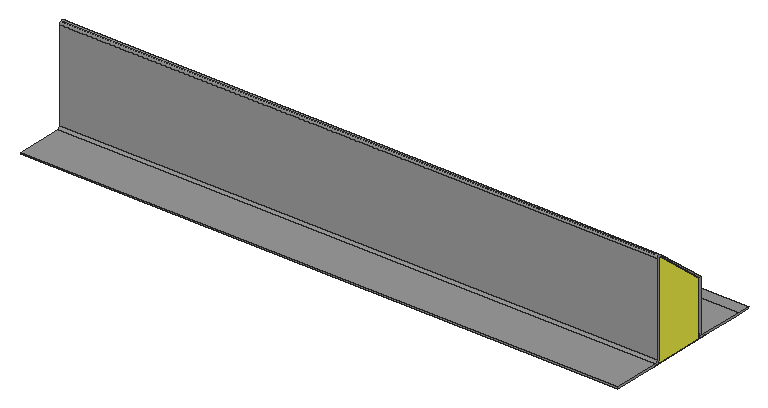
Revit family "XHDK 110 WOL", category Generic Models, Revit 2014
Parameters (values of type "Max lintel length 2100mm")
  URL = "http://www.keystonelintels.co.uk"
  Structural Opening [instance] = 900 mm
  Structural Performance = "The Keystone lintel range has safe working loads as detailed in each applicable loading table in the Keystone Lintel Guide brochure. The structural performance figures within each table have been ascertained by testing in accordance with the requirements of standards BS EN 5977-2: 1983 and BS EN 845-2: 2003."
  RIBA Productor Selector = "available for Keystone Lintels Ltd from Keystone Lintels Ltd from ribaproductselector.com"
  Model = "XHD/K 110 WOL"
  Min Length = 600 mm
  Min Clear Span = 300 mm
  Max Length = 2100 mm
  Max Clear Span = 2100 mm
  Material - Stainless Steel = "Grade 304 2b 1.4307 to BS EN 10088-2. Other grades available on request: contact manufacturer."
  Material - Galvanised Steel = "To BS EN 10346: 2009. DX51D plus Z600 or grade Z275 to BS 5977-2: 1983 (BS EN 845-2: 2003)."
  Manufacturer = "Keystone"
  Manufactured Length [instance] = (roundup(Effective Length / 150 mm) * 150 mm)  # 1200 mm
  Lintel height [instance] = 2100 mm
  Keynote = "F30/755"
  Fire Performance = "Keystone lintels have been subjected to a fire test (WARRES No. 101263) in accordance with BS 476-20: 1987, at Exova Warrington Fire and achieved a one hour fire performance."
  End Bearing = 150 mm
  Effective Length [instance] = Clear Opening with MIN MAX set + End Bearing * 2  # 1200 mm
  Corrosion = "Keystone’s standard range of lintels are manufactured from high quality grade pre-galvanized carbon steel with a zinc coating of 600"
  Contact Tel = "+44 (0)28 8676 2184"
  Contact Email = "info@keystonelintels.co.uk"
  Clear Opening with MIN MAX set [instance] = if(Structural Opening < Min Clear Span, Min Clear Span, (if(Structural Opening > Max Clear Span, Max Clear Span, Structural Opening)))  # 900 mm
  CPD Information = "Available for Keystone Lintels Ltd from ribacpd.com"
Reference planes
  plane 1 "Center (Front/Back)": y = 0
  plane 2: z = 0
  plane 3 "Center (Left/Right)": x = 0
  plane 4: x = -600
  plane 5: x = 600
  plane 6: z = 2100
  plane 7: x = -450
  plane 8: x = 450
Forms (mm)
  Extrusion 1, solid, material "Steel"
    sketch origin (0, 725.858, -513.24) x (0, 1, 0) y (0, 0, 1)
      loop
        line (-578.193, 2613.24) -> (-553.243, 2612.377) -> (-553.133, 2615.575) -> (-578.138, 2616.44) -> (-668.847, 2616.44)
        arc (-668.847, 2616.44) -> (-671.887, 2617.699) -> (-673.147, 2620.74) r 4.3
        line (-673.147, 2620.74) -> (-673.147, 2721.152)
        arc (-673.147, 2721.152) -> (-673.634, 2723.35) -> (-675.004, 2725.135) r 5.2
        line (-675.004, 2725.135) -> (-772.597, 2807.026)
        arc (-772.597, 2807.026) -> (-778.137, 2807.755) -> (-781.14, 2803.042) r 5.2
        line (-781.14, 2803.042) -> (-781.14, 2621.139)
        arc (-781.14, 2621.139) -> (-782.516, 2617.815) -> (-785.84, 2616.439) r 4.7
        line (-785.84, 2616.439) -> (-880.84, 2616.439) -> (-880.84, 2613.239) -> (-785.84, 2613.239)
        arc (-785.84, 2613.239) -> (-780.254, 2615.552) -> (-777.94, 2621.139) r 7.9
        line (-777.94, 2621.139) -> (-777.94, 2803.042)
        arc (-777.94, 2803.042) -> (-776.785, 2804.855) -> (-774.654, 2804.574) r 2
        line (-774.654, 2804.574) -> (-677.061, 2722.684)
        arc (-677.061, 2722.684) -> (-676.534, 2721.997) -> (-676.347, 2721.152) r 2
        line (-676.347, 2721.152) -> (-676.347, 2620.74)
        arc (-676.347, 2620.74) -> (-674.15, 2615.437) -> (-668.847, 2613.24) r 7.5
        line (-668.847, 2613.24) -> (-578.193, 2613.24)
    from -600 to 600
  Extrusion 2, solid, material "Steel"
    sketch origin (0, 725.858, -513.24) x (0, 1, 0) y (0, 0, 1)
      loop
        line (-659.867, 2612.24) -> (-659.867, 2613.24) -> (-676.643, 2613.24) -> (-676.643, 2621.24) -> (-677.643, 2621.24) -> (-677.643, 2613.24) -> (-789.867, 2613.24) -> (-789.867, 2612.24) -> (-659.867, 2612.24)
    from -600 to 600
  Extrusion 3, solid, material "Insulation"
    sketch origin (0, 725.858, -513.24) x (0, 1, 0) y (0, 0, 1)
      loop
        line (-676.643, 2613.24) -> (-668.847, 2613.24)
        arc (-668.847, 2613.24) -> (-674.15, 2615.437) -> (-676.347, 2620.74) r 7.5
        line (-676.347, 2620.74) -> (-676.347, 2721.152)
        arc (-676.347, 2721.152) -> (-676.534, 2721.997) -> (-677.061, 2722.684) r 2
        line (-677.061, 2722.684) -> (-774.654, 2804.574)
        arc (-774.654, 2804.574) -> (-776.785, 2804.855) -> (-777.94, 2803.042) r 2
        line (-777.94, 2803.042) -> (-777.94, 2621.139)
        arc (-777.94, 2621.139) -> (-780.2, 2615.606) -> (-785.688, 2613.24) r 7.9
        line (-785.688, 2613.24) -> (-677.643, 2613.24) -> (-677.643, 2621.24) -> (-676.643, 2621.24) -> (-676.643, 2613.24)
    from -600 to 600
  Extrusion 4, solid, not visible
    sketch origin (0, 995.605, 1241.55) x (0, 1, 0) y (0, 0, 1)
      loop
        line (-578.193, 1013.24) -> (-553.243, 1012.377) -> (-553.133, 1015.575) -> (-578.138, 1016.44) -> (-668.847, 1016.44)
        arc (-668.847, 1016.44) -> (-671.887, 1017.699) -> (-673.147, 1020.74) r 4.3
        line (-673.147, 1020.74) -> (-673.147, 1121.152)
        arc (-673.147, 1121.152) -> (-673.634, 1123.35) -> (-675.004, 1125.135) r 5.2
        line (-675.004, 1125.135) -> (-772.597, 1207.026)
        arc (-772.597, 1207.026) -> (-778.137, 1207.755) -> (-781.14, 1203.042) r 5.2
        line (-781.14, 1203.042) -> (-781.14, 1021.139)
        arc (-781.14, 1021.139) -> (-782.516, 1017.815) -> (-785.84, 1016.439) r 4.7
        line (-785.84, 1016.439) -> (-880.84, 1016.439) -> (-880.84, 1013.239) -> (-785.84, 1013.239)
        arc (-785.84, 1013.239) -> (-780.254, 1015.552) -> (-777.94, 1021.139) r 7.9
        line (-777.94, 1021.139) -> (-777.94, 1203.042)
        arc (-777.94, 1203.042) -> (-776.785, 1204.855) -> (-774.654, 1204.574) r 2
        line (-774.654, 1204.574) -> (-677.061, 1122.684)
        arc (-677.061, 1122.684) -> (-676.534, 1121.997) -> (-676.347, 1121.152) r 2
        line (-676.347, 1121.152) -> (-676.347, 1020.74)
        arc (-676.347, 1020.74) -> (-674.15, 1015.437) -> (-668.847, 1013.24) r 7.5
        line (-668.847, 1013.24) -> (-578.193, 1013.24)
    from 0 to 250
  Extrusion 5, solid, not visible
    sketch origin (0, 686.466, 1331.21) x (0, 1, 0) y (0, 0, 1)
      loop
        line (-659.867, 1012.24) -> (-659.867, 1013.24) -> (-676.643, 1013.24) -> (-676.643, 1021.24) -> (-677.643, 1021.24) -> (-677.643, 1013.24) -> (-789.867, 1013.24) -> (-789.867, 1012.24) -> (-659.867, 1012.24)
    from 0 to 250
  Extrusion 6, solid, not visible
    sketch origin (0, 908.753, 820.772) x (0, 1, 0) y (0, 0, 1)
      loop
        line (-676.643, 1013.24) -> (-668.847, 1013.24)
        arc (-668.847, 1013.24) -> (-674.15, 1015.437) -> (-676.347, 1020.74) r 7.5
        line (-676.347, 1020.74) -> (-676.347, 1121.152)
        arc (-676.347, 1121.152) -> (-676.534, 1121.997) -> (-677.061, 1122.684) r 2
        line (-677.061, 1122.684) -> (-774.654, 1204.574)
        arc (-774.654, 1204.574) -> (-776.785, 1204.855) -> (-777.94, 1203.042) r 2
        line (-777.94, 1203.042) -> (-777.94, 1021.139)
        arc (-777.94, 1021.139) -> (-780.2, 1015.606) -> (-785.688, 1013.24) r 7.9
        line (-785.688, 1013.24) -> (-677.643, 1013.24) -> (-677.643, 1021.24) -> (-676.643, 1021.24) -> (-676.643, 1013.24)
    from 0 to 250
Dimensions and locks
  equal spacing: plane 4, plane 3 "Center (Left/Right)", plane 5
  "Manufactured Length": plane 4 to plane 5
  "Lintel height": plane 6 to level
  "Structural Opening": plane 7 to plane 8
  equal spacing: plane 7, plane 3 "Center (Left/Right)", plane 8
  aligned and locked: level to plane 2
  aligned and locked: Extrusion 1 to plane 6
  aligned and locked: Extrusion 3 to plane 6
  aligned and locked: plane 6 to Extrusion 2
  aligned and locked: plane 5 to Extrusion 1
  aligned and locked: Extrusion 1 to plane 4
  aligned and locked: plane 5 to Extrusion 3
  aligned and locked: Extrusion 3 to plane 4
  aligned and locked: plane 5 to Extrusion 2
  aligned and locked: Extrusion 2 to plane 4
Automatic sketch dimensions
  Extrusion 1 sketch curve to Extrusion 1 sketch curve = 90.654 mm
  Extrusion 1 sketch curve to Extrusion 1 sketch curve = 0.863 mm
  Extrusion 1 sketch curve to Extrusion 1 sketch curve = 0.055 mm
  Extrusion 1 sketch curve to Extrusion 1 sketch curve = 0.111 mm
  Extrusion 1 sketch curve to Extrusion 1 sketch curve = 3.198 mm
  Extrusion 1 sketch curve to Extrusion 1 sketch curve = 4.3 mm
  Extrusion 1 sketch curve to Extrusion 1 sketch curve = 100.412 mm
  Extrusion 1 sketch curve to Extrusion 1 sketch curve = 2 mm
  Extrusion 1 sketch curve to Extrusion 1 sketch curve = 0.714 mm
  Extrusion 1 sketch curve to Extrusion 1 sketch curve = 97.593 mm
  Extrusion 1 sketch curve to Extrusion 1 sketch curve = 81.89 mm
  Extrusion 1 sketch curve to Extrusion 1 sketch curve = 0 mm  (x16)
  Extrusion 1 sketch curve to Extrusion 1 sketch curve = 2.057 mm  (x2)
  Extrusion 1 sketch curve to Extrusion 1 sketch curve = 2.451 mm
  Extrusion 1 sketch curve to Extrusion 1 sketch curve = 1.286 mm
  Extrusion 1 sketch curve to Extrusion 1 sketch curve = 1.532 mm
  Extrusion 1 sketch curve to Extrusion 1 sketch curve = 0.399 mm
  Extrusion 1 sketch curve to Extrusion 1 sketch curve = 4.7 mm
  Extrusion 1 sketch curve to Extrusion 1 sketch curve = 95 mm
  Extrusion 2 sketch curve to Extrusion 2 sketch curve = 130 mm
  Extrusion 2 sketch curve to Extrusion 2 sketch curve = 1 mm  (x2)
  Extrusion 2 sketch curve to Extrusion 2 sketch curve = 16.776 mm
  Extrusion 2 sketch curve to Extrusion 2 sketch curve = 8 mm
  Extrusion 2 sketch curve to Extrusion 2 sketch curve = 0 mm
  Extrusion 3 sketch curve to Extrusion 3 sketch curve = 7.5 mm  (x2)
  Extrusion 3 sketch curve to Extrusion 3 sketch curve = 0.296 mm
  Extrusion 3 sketch curve to Extrusion 3 sketch curve = 0 mm  (x2)
  Extrusion 3 sketch curve to Extrusion 3 sketch curve = 0.5 mm
  Extrusion 3 sketch curve to Extrusion 3 sketch curve = 99.912 mm
  Extrusion 3 sketch curve to Extrusion 3 sketch curve = 1 mm
  Extrusion 3 sketch curve to Extrusion 3 sketch curve = 108.045 mm
  Extrusion 3 sketch curve to Extrusion 3 sketch curve = 0.152 mm
  Extrusion 3 sketch curve to Extrusion 3 sketch curve = 7.899 mm
  Extrusion 3 sketch curve to Extrusion 3 sketch curve = 81.89 mm
  Extrusion 3 sketch curve to Extrusion 3 sketch curve = 2 mm
  Extrusion 3 sketch curve to Extrusion 3 sketch curve = 0.714 mm
  Extrusion 3 sketch curve to Extrusion 3 sketch curve = 1.532 mm
  Extrusion 3 sketch curve to Extrusion 3 sketch curve = 1.286 mm
  Extrusion 4 sketch curve to Extrusion 4 sketch curve = 90.654 mm
  Extrusion 4 sketch curve to Extrusion 4 sketch curve = 0.863 mm
  Extrusion 4 sketch curve to Extrusion 4 sketch curve = 0.055 mm
  Extrusion 4 sketch curve to Extrusion 4 sketch curve = 0.111 mm
  Extrusion 4 sketch curve to Extrusion 4 sketch curve = 3.198 mm
  Extrusion 4 sketch curve to Extrusion 4 sketch curve = 4.3 mm
  Extrusion 4 sketch curve to Extrusion 4 sketch curve = 100.412 mm
  Extrusion 4 sketch curve to Extrusion 4 sketch curve = 2 mm
  Extrusion 4 sketch curve to Extrusion 4 sketch curve = 0.714 mm
  Extrusion 4 sketch curve to Extrusion 4 sketch curve = 97.593 mm
  Extrusion 4 sketch curve to Extrusion 4 sketch curve = 81.89 mm
  Extrusion 4 sketch curve to Extrusion 4 sketch curve = 0 mm  (x16)
  Extrusion 4 sketch curve to Extrusion 4 sketch curve = 2.057 mm  (x2)
  Extrusion 4 sketch curve to Extrusion 4 sketch curve = 2.451 mm
  Extrusion 4 sketch curve to Extrusion 4 sketch curve = 1.286 mm
  Extrusion 4 sketch curve to Extrusion 4 sketch curve = 1.532 mm
  Extrusion 4 sketch curve to Extrusion 4 sketch curve = 0.399 mm
  Extrusion 4 sketch curve to Extrusion 4 sketch curve = 4.7 mm
  Extrusion 4 sketch curve to Extrusion 4 sketch curve = 95 mm
  Extrusion 5 sketch curve to Extrusion 5 sketch curve = 130 mm
  Extrusion 5 sketch curve to Extrusion 5 sketch curve = 1 mm  (x2)
  Extrusion 5 sketch curve to Extrusion 5 sketch curve = 16.776 mm
  Extrusion 5 sketch curve to Extrusion 5 sketch curve = 8 mm
  Extrusion 5 sketch curve to Extrusion 5 sketch curve = 0 mm
  Extrusion 6 sketch curve to Extrusion 6 sketch curve = 7.5 mm  (x2)
  Extrusion 6 sketch curve to Extrusion 6 sketch curve = 0.296 mm
  Extrusion 6 sketch curve to Extrusion 6 sketch curve = 0 mm  (x2)
  Extrusion 6 sketch curve to Extrusion 6 sketch curve = 0.5 mm
  Extrusion 6 sketch curve to Extrusion 6 sketch curve = 99.912 mm
  Extrusion 6 sketch curve to Extrusion 6 sketch curve = 1 mm
  Extrusion 6 sketch curve to Extrusion 6 sketch curve = 108.045 mm
  Extrusion 6 sketch curve to Extrusion 6 sketch curve = 0.152 mm
  Extrusion 6 sketch curve to Extrusion 6 sketch curve = 7.899 mm
  Extrusion 6 sketch curve to Extrusion 6 sketch curve = 81.89 mm
  Extrusion 6 sketch curve to Extrusion 6 sketch curve = 2 mm
  Extrusion 6 sketch curve to Extrusion 6 sketch curve = 0.714 mm
  Extrusion 6 sketch curve to Extrusion 6 sketch curve = 1.532 mm
  Extrusion 6 sketch curve to Extrusion 6 sketch curve = 1.286 mm
  Extrusion 3 sketch curve to plane 6 = 0 mm
  plane 1 "Center (Front/Back)" to Extrusion 3 sketch curve = 59.982 mm
  Extrusion 1 sketch curve to plane 6 = 0 mm
  plane 1 "Center (Front/Back)" to Extrusion 1 sketch curve = 154.982 mm
  Extrusion 2 sketch curve to plane 6 = 0 mm
  plane 1 "Center (Front/Back)" to Extrusion 2 sketch curve = 64.009 mm
